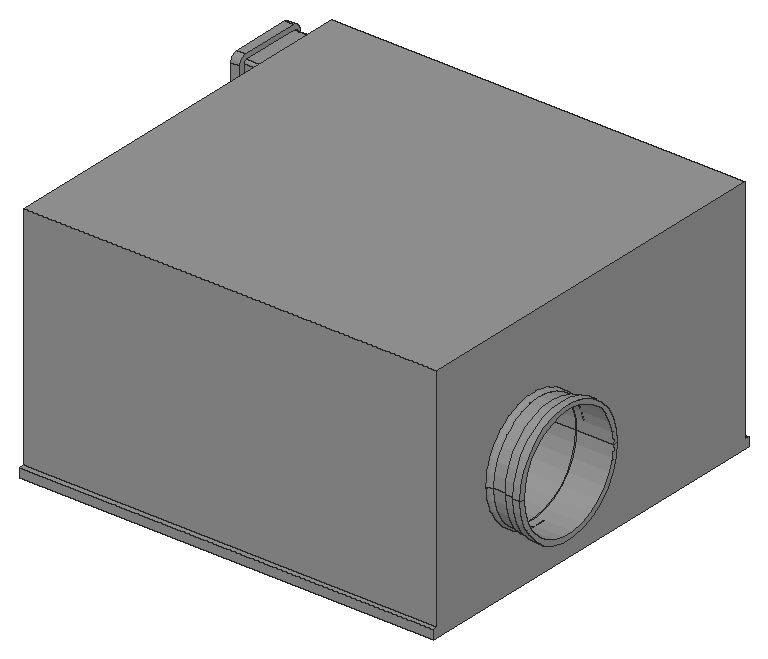
Revit family "IRB 125 B1 EC_7890008", category Mechanical Equipment, Revit 2014
Parameters (values of type "IRB 125 B1 EC")
  Wiring diagram = "4040143"
  Width = 543 mm
  Weight = 11.80 kg
  Voltage range = "220-240"
  Voltage = 230 V
  Speed = "3680 rpm"
  Sound pressure level at 3 m = "47 dB(A)"
  Power = 116 W
  Phase = 1
  Max. temperature of transported air when speed controlled = 60 °C
  Max. temperature of transported air = 60 °C
  Main Material = Steel, Galvanized
  Height = 266 mm
  Frequency = 50 Hz
  Elevation [instance] = 2600 mm
  Diameter = 125 mm
  Description = "Insulated duct fans with circular connections"
  Depth = 438 mm
  Current = 0.93 A
  Capacitor = "- µF"
Reference planes
  plane 1 "Center (Front/Back)": y = 0
  plane 2: z = 0
  plane 3 "Center (Left/Right)": x = 0
  plane 4: z = 2600
Dimensions and locks
  "Elevation": plane 4 to plane 2
  aligned and locked: level to plane 2
  aligned and locked: nested 1 to plane 4
  aligned and locked: plane 3 "Center (Left/Right)" to nested 1
  aligned and locked: plane 1 "Center (Front/Back)" to nested 1
  aligned and locked: nested 1 to nested 2  (x2)
Nested families
  nested 1: "IRB 125 B1 AC GEOMETRY" at (0, 0, 2600), type "IRB 125 B1 AC GEOMETRY"
  nested 2: "Flow direction symbol" at (0, 0, 0), type "Flow direction symbol"
Connectors
  hvac at (-271.5, -83, 2722), driven by "Diameter"
    settings: on nested 1, index 1, duct flow 0.0 L/s, flow factor 0, pres drop 0.0 Pa, loss coef 0, conn angle 0.00°, conn width 304.8 mm, conn height 304.8 mm, conn diameter 125 mm, duct sys type 1, conn prof type 0, flow config 0, flow direction 1, loss method 0, conn ref index -1, conn util no, is conn primary yes, conn desc ""
  electrical at (-271.5, 167.5, 2814.5), driven by "Phase", driven by "Voltage", driven by "Power"
    settings: on nested 1, index 2, voltage 230 V, apparent load 0 VA, apparent load phase1 116 VA, apparent load phase2 0 VA, apparent load phase3 0 VA, power factor 1, load classification "Other", number of poles 1, system type 31, power factor state 1, is connector primary yes, connector utility no, sub classification motor no, connector description ""
  hvac at (263.5, -83, 2722), driven by "Diameter"
    settings: on nested 1, index 3, duct flow 0.0 L/s, flow factor 0, pres drop 0.0 Pa, loss coef 0, conn angle 0.00°, conn width 304.8 mm, conn height 304.8 mm, conn diameter 125 mm, duct sys type 3, conn prof type 0, flow config 0, flow direction 2, loss method 0, conn ref index -1, conn util no, is conn primary no, conn desc ""
Definition of nested family "IRB 125 B1 AC GEOMETRY"
  Parameters (values of type "IRB 125 B1 AC GEOMETRY")
    Main Material = Steel, Galvanized
    Description = ""
  Reference planes
    plane 1 "Center (Front/Back)": y = 0
    plane 2: z = 0
    plane 3 "Center (Left/Right)": x = 0
    plane 4: z = 266
    plane 5 "Horizontal Pipe Axis": z = 122
    plane 6: z = 10
    plane 7: z = 256
    plane 8: x = -230
    plane 9: x = 230
    plane 10: x = -271.5
    plane 11: x = 271.5
    plane 12: y = 219
    plane 13: y = -219
    plane 14 "Vertical Pipe Axis": y = -83
    plane 15: y = 209
    plane 16: x = -261.5
  Forms (mm)
    Extrusion 1, solid, material "Steel, Galvanized" <- "Main Material", detail levels medium+fine
      sketch origin (0, 0, 0) x (0, 1, 0) y (0, 0, 1)
        loop
          line (-219, 0) -> (219, 0) -> (219, 10) -> (214, 10) -> (214, 11) -> (214, 266) -> (-214, 266) -> (-214, 10) -> (-219, 10) -> (-219, 0)
      from -230 to 230
    Extrusion 2, void
      sketch origin (0, 0, 0) x (0, 1, 0) y (0, 0, 1)
        loop
          circle (-83, 122) r 62.5
      from -809.837 to 500.936
    Extrusion 3, solid, material "Steel, Galvanized" <- "Main Material", detail levels coarse
      sketch origin (0, 0, 0) x (0, 1, 0) y (0, 0, 1)
        loop
          circle (-83, 122) r 62.5
      from 230 to 271.5
    Extrusion 4, solid, material "Steel, Galvanized" <- "Main Material", detail levels coarse
      sketch origin (0, 0, 0) x (0, 1, 0) y (0, 0, -1)
        loop
          circle (-83, -122) r 62.5
      from 230 to 271.5
    Revolve 5, solid, material "Steel, Galvanized" <- "Main Material", detail levels medium+fine
      sketch origin (0, 0, 122) x (-1, 0, 0) y (0, -1, 0)
        loop
          line (271.5, 83) -> (230, 83) -> (230, 19.5)
          arc (230, 19.5) -> (234.25, 17.5) -> (238.5, 19.5) r 5.516
          line (238.5, 19.5) -> (253.5, 19.5) -> (253.5, 17.5) -> (263.5, 17.5) -> (263.5, 15.5) -> (271.5, 15.5) -> (271.5, 83)
        axis (230, 83) -> (271.5, 83)
      angle from 0 to 360
    Revolve 6, solid, material "Steel, Galvanized" <- "Main Material", detail levels medium+fine
      sketch origin (0, 0, 122) x (-1, 0, 0) y (0, -1, 0)
        loop
          line (-271.5, 83) -> (-271.5, 15.5) -> (-263.5, 15.5) -> (-263.5, 17.5) -> (-253.5, 17.5) -> (-253.5, 19.5) -> (-238.5, 19.5)
          arc (-238.5, 19.5) -> (-234.25, 17.5) -> (-230, 19.5) r 5.516
          line (-230, 19.5) -> (-230, 83) -> (-271.5, 83)
        axis (-230, 83) -> (-271.5, 83)
      angle from 0 to 360
    Extrusion 7, solid, material "Steel, Galvanized" <- "Main Material", detail levels coarse
      sketch origin (0, 0, 0) x (0, 1, 0) y (0, 0, 1)
        loop
          line (219, 266) -> (-219, 266) -> (-219, 0) -> (219, 0) -> (219, 266)
      from -230 to 230
    Sweep 8, solid, material "Plastic, Opaque White", detail levels fine
      path origin (0, 0, 0) x (1, 0, 0) y (0, 1, 0)
        loop
          line (-261.5, 209) -> (-271.5, 209)
      profile origin (-266.5, 209, 0) x (0, -1, 0) y (0, 0, 1)
        loop
          arc (8.073, 256) -> (2.365, 253.635) -> (0, 247.927) r 8.073
          line (0, 247.927) -> (0, 181.073)
          arc (0, 181.073) -> (2.365, 175.365) -> (8.073, 173) r 8.073
          line (8.073, 173) -> (74.927, 173)
          arc (74.927, 173) -> (80.635, 175.365) -> (83, 181.073) r 8.073
          line (83, 181.073) -> (83, 247.927)
          arc (83, 247.927) -> (80.635, 253.635) -> (74.927, 256) r 8.073
          line (74.927, 256) -> (8.073, 256)
    Sweep 9, solid, material "Plastic, Opaque White", detail levels fine
      path origin (0, 0, 0) x (1, 0, 0) y (0, 1, 0)
        loop
          line (-261.5, 167.5) -> (-230, 167.5)
      profile origin (-245.75, 167.5, 0) x (0, 1, 0) y (0, 0, 1)
        loop
          line (33.427, 251) -> (-33.427, 251)
          arc (-33.427, 251) -> (-35.6, 250.1) -> (-36.5, 247.927) r 3.073
          line (-36.5, 247.927) -> (-36.5, 181.073)
          arc (-36.5, 181.073) -> (-35.6, 178.9) -> (-33.427, 178) r 3.073
          line (-33.427, 178) -> (33.427, 178)
          arc (33.427, 178) -> (35.6, 178.9) -> (36.5, 181.073) r 3.073
          line (36.5, 181.073) -> (36.5, 247.927)
          arc (36.5, 247.927) -> (35.6, 250.1) -> (33.427, 251) r 3.073
  Cuts and joins
    Extrusion 2 cuts Extrusion 1
    joined: Sweep 8, Sweep 9
    Extrusion 2 cuts Revolve 6
    Extrusion 2 cuts Revolve 5
  Dimensions and locks
    equal spacing: plane 10, plane 3 "Center (Left/Right)", plane 11
    plane 10 to plane 11 = 543 mm
    plane 4 to plane 5 "Horizontal Pipe Axis" = 144 mm
    plane 4 to level = 266 mm
    locked: plane 12 to plane 15 at 10
    locked: plane 4 to plane 7 at 10
    locked: plane 10 to plane 16 at 10
    aligned and locked: level to plane 2
    aligned and locked: Extrusion 1 sketch curve to plane 13
    aligned and locked: plane 2 to Extrusion 1 sketch curve
    aligned and locked: Extrusion 1 sketch curve to plane 12
    aligned and locked: Extrusion 1 to plane 9
    aligned and locked: Extrusion 1 to plane 8
    aligned and locked: Extrusion 3 to plane 11
    aligned and locked: plane 9 to Extrusion 3
    aligned and locked: Extrusion 4 to plane 10
    aligned and locked: plane 8 to Extrusion 4
    aligned and locked: Extrusion 4 to plane 8
    aligned and locked: plane 9 to Revolve 6
    aligned and locked: plane 4 to Extrusion 7 sketch curve
    aligned and locked: plane 12 to Extrusion 7 sketch curve
    aligned and locked: Extrusion 7 sketch curve to cut or joined group of Extrusion 1, Extrusion 2  (x2)
    aligned and locked: Extrusion 7 to plane 8
    aligned and locked: Extrusion 7 to plane 9
    aligned and locked: plane 10 to Sweep 8 sketch curve
    aligned and locked: plane 16 to Sweep 8 sketch curve
    aligned and locked: Sweep 8 sketch curve to plane 7
    aligned and locked: Sweep 8 sketch curve to plane 15
    aligned and locked: plane 8 to Sweep 9 sketch curve
    aligned and locked: plane 16 to Sweep 9 sketch curve
  Automatic sketch dimensions
    Extrusion 1 sketch curve to plane 4 = 0 mm
    Extrusion 1 sketch curve to plane 6 = 0 mm  (x2)
    Extrusion 1 sketch curve to plane 13 = 5 mm
    Extrusion 1 sketch curve to plane 12 = 5 mm
    plane 6 to Extrusion 1 sketch curve = 1 mm
    Extrusion 2 sketch curve to plane 5 "Horizontal Pipe Axis" = 0 mm
    Extrusion 2 sketch curve to plane 14 "Vertical Pipe Axis" = 0 mm
    Extrusion 3 sketch curve to plane 5 "Horizontal Pipe Axis" = 0 mm
    Extrusion 3 sketch curve to plane 14 "Vertical Pipe Axis" = 0 mm
    Extrusion 4 sketch curve to plane 5 "Horizontal Pipe Axis" = 0 mm
    Extrusion 4 sketch curve to plane 14 "Vertical Pipe Axis" = 0 mm
    plane 14 "Vertical Pipe Axis" to Revolve 6 sketch curve = 0 mm  (x2)
    Revolve 6 sketch curve to plane 11 = 0 mm
    Revolve 6 sketch curve to plane 9 = 0 mm  (x2)
    plane 11 to Revolve 6 sketch curve = 8 mm
    Revolve 6 sketch curve to Revolve 6 sketch curve = 10 mm
    Revolve 6 sketch curve to Revolve 6 sketch curve = 8.5 mm
    Revolve 6 sketch curve to plane 9 = 4.25 mm
    plane 1 "Center (Front/Back)" to Revolve 6 sketch curve = 23.015 mm
    Revolve 6 sketch curve to Revolve 6 sketch curve = 3.515 mm
    Revolve 6 sketch curve to Revolve 6 sketch curve = 2 mm  (x2)
    Revolve 6 sketch curve to Revolve 6 sketch curve = 93.5 mm
    Revolve 5 sketch curve to plane 8 = 0 mm  (x2)
    Revolve 5 sketch curve to plane 10 = 0 mm
    plane 14 "Vertical Pipe Axis" to Revolve 5 sketch curve = 0 mm  (x2)
    Revolve 5 sketch curve to plane 8 = 4.25 mm
    Revolve 5 sketch curve to Revolve 5 sketch curve = 4.25 mm
    Revolve 5 sketch curve to Revolve 5 sketch curve = 15 mm
    plane 10 to Revolve 5 sketch curve = 8 mm
    plane 1 "Center (Front/Back)" to Revolve 5 sketch curve = 23.015 mm
    Revolve 5 sketch curve to Revolve 5 sketch curve = 3.515 mm
    Revolve 5 sketch curve to Revolve 5 sketch curve = 2 mm  (x2)
    Revolve 5 sketch curve to plane 10 = 93.5 mm
    Sweep 8 sketch curve to plane 15 = 0 mm
    Sweep 8 sketch curve to profile plane = 8.073 mm
    Sweep 8 sketch curve to Sweep 8 sketch curve = 8.073 mm  (x2)
    Sweep 8 sketch curve to Sweep 8 sketch curve = 66.854 mm  (x2)
    Sweep 8 sketch curve to Sweep 8 sketch curve = 0 mm
    Sweep 9 sketch curve to plane 15 = 41.5 mm
    Sweep 9 sketch curve to profile plane = 33.427 mm
    level to Sweep 9 sketch curve = 247.927 mm
    profile plane to Sweep 9 sketch curve = 33.427 mm
    Sweep 9 sketch curve to Sweep 9 sketch curve = 3.073 mm  (x4)
    Sweep 9 sketch curve to Sweep 9 sketch curve = 66.854 mm
    radius of Extrusion 2 sketch curve = 62.5 mm
    radius of Extrusion 3 sketch curve = 62.5 mm
    radius of Extrusion 4 sketch curve = 62.5 mm
Definition of nested family "Flow direction symbol"
  Parameters (values of type "Flow direction symbol")
    Warning = "!"
    Text = "DIMENSIONS OVERCONSTRAINT"
  Reference planes
    plane 1: y = 0
    plane 2: x = 0
  Lines and regions (mm)
    detail lines
      curve 1: line (-0.506, 0.877, 0) -> (-0.506, -0.877, 0)
      curve 2: line (1.012, 0, 0) -> (-0.506, -0.877, 0)
      curve 3: line (-0.506, 0.877, 0) -> (1.012, 0, 0)
      curve 4: circle (0, 0, 0) r 1 normal (0, 0, 1)
